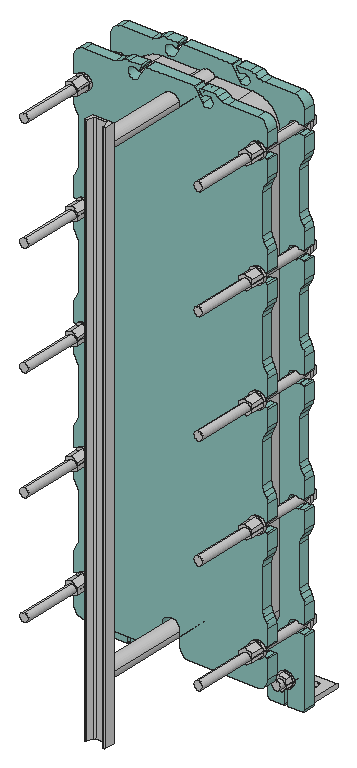
Revit family "Ekin_Endüstriyel - MIT517", category Specialty Equipment, Revit 2022
Family settings
  Round Connector Dimension = Use Diameter
  Part Type = Normal
  Work Plane-Based = No
  Always vertical = No
  Cut with Voids When Loaded = No
  Maintain Annotation Orientation = No
  Shared = No
  Room Calculation Point = No
Parameters (values of type "Flanged")
  URL = "https://en.ekinendustriyel.com/plate-heat-exchanger"
  Type Comments = ""
  Tightening Bolt = if(Design Pressure < 11.0 bar, 16.00 mm, 30.00 mm)  # 16.00 mm
  Thickness_of_Plate = 0.50 mm  # constant formula
  Number_of_Plate [instance] = 20
  Model = if(Hygienic, if(Design Pressure < 11.0 bar, "H12340000F60L", if(Design Pressure < 16.0 bar, " H12340000F60M", " H12340000F60H")), if(Design Pressure < 10.0 bar, "E12340000F60L", if(Design Pressure < 16.0 bar, " E12340000F60M", " E12340000F60H")))  # "H12340000F60L"
  Material = Galvanized Steel- S235JR
  Manufacturer = "Ekin Endüstriyel"
  M30 [instance] = Design Pressure > 10.0 bar  # no
  M16 = Design Pressure < 11.0 bar  # yes
  Lk [instance] = (Number_of_Plate) * ((Thickness_of_Plate) + 2.90 mm)  # 68.00 mm
  Lh [instance] = 1060.00 mm  # constant formula
  Lf [instance] = 985.00 mm  # constant formula
  Lc [instance] = if(Number_of_Plate < 26, 250.00 mm, if(Number_of_Plate < 41, 350.00 mm, if(Number_of_Plate < 71, 500.00 mm, if(Number_of_Plate < 111, 750.00 mm, 1000.00 mm))))  # 250.00 mm
  La [instance] = 370.00 mm  # constant formula
  Keynote = ""
  Industrial = not(Hygienic)  # no
  Hygienic = yes
  Head & Follower Plate [instance] = if(Design Pressure < 11.0 bar, 20.00 mm, if(Design Pressure < 17.0 bar, 25.00 mm, 30.00 mm))  # 20.00 mm
  Follower Plate [instance] = -(Head & Follower Plate)  # -20.00 mm
  Design Pressure = 6.89476 bar
  Description = if(Design Pressure < 10.0663 bar, "MIT - Heat Exchanger - 10 bar", if(Design Pressure < 15.9958 bar, " MIT - Heat Exchanger - 16 bar", " MIT - Heat Exchanger - 25 bar"))  # "MIT - Heat Exchanger - 10 bar"
  Default Elevation = 0.00 mm
Reference planes
  plane 1 "Center (Front/Back)": y = 0
  plane 2: z = 0
  plane 3 "Center (Left/Right)": x = 0
  plane 4: x = 1160
  plane 5: x = -1000
  plane 6 "2": y = -88
  plane 7 "1": y = -20
  plane 8 "3": y = -270
  plane 9 "Bolt End": y = 18.7
  plane 10: y = -250
Forms (mm)
  Extrusion 1, solid, material "Galvanized Steel", detail levels fine
    sketch origin (4.063, 0, 0) x (1, 0, 0) y (0, 0, 1)
      loop
        arc (-49.814, 1060) -> (-50.814, 1059.732) -> (-51.546, 1059) r 2
        line (-51.546, 1059) -> (-64.537, 1036.5)
        arc (-64.537, 1036.5) -> (-84.947, 1040.407) -> (-66.513, 1050) r 11
        arc (-66.513, 1050) -> (-64.851, 1049.476) -> (-63.408, 1050.454) r 2
        line (-63.408, 1050.454) -> (-59.629, 1057)
        arc (-59.629, 1057) -> (-59.629, 1059) -> (-61.361, 1060) r 2
        line (-61.361, 1060) -> (-83.704, 1060)
        arc (-83.704, 1060) -> (-88.88, 1059.319) -> (-93.704, 1057.321) r 20
        line (-93.704, 1057.321) -> (-101.743, 1052.679)
        arc (-101.743, 1052.679) -> (-106.566, 1050.681) -> (-111.743, 1050) r 20
        line (-111.743, 1050) -> (-169.063, 1050)
        arc (-169.063, 1050) -> (-183.205, 1044.142) -> (-189.063, 1030) r 20
        line (-189.063, 1030) -> (-189.063, 1004.251)
        arc (-189.063, 1004.251) -> (-188.477, 1002.837) -> (-187.063, 1002.251) r 2
        line (-187.063, 1002.251) -> (-178.636, 1002.251)
        arc (-178.636, 1002.251) -> (-177.976, 1002.363) -> (-177.389, 1002.687) r 2
        arc (-177.389, 1002.687) -> (-158.313, 993.501) -> (-177.389, 984.314) r 11.75
        arc (-177.389, 984.314) -> (-177.976, 984.639) -> (-178.636, 984.751) r 2
        line (-178.636, 984.751) -> (-187.063, 984.751)
        arc (-187.063, 984.751) -> (-188.477, 984.165) -> (-189.063, 982.751) r 2
        line (-189.063, 982.751) -> (-189.063, 952.18)
        arc (-189.063, 952.18) -> (-188.382, 947.004) -> (-186.384, 942.18) r 20
        line (-186.384, 942.18) -> (-181.743, 934.142)
        arc (-181.743, 934.142) -> (-179.745, 929.318) -> (-179.063, 924.142) r 20
        line (-179.063, 924.142) -> (-179.063, 849.86)
        arc (-179.063, 849.86) -> (-179.745, 844.683) -> (-181.743, 839.86) r 20
        line (-181.743, 839.86) -> (-186.384, 831.821)
        arc (-186.384, 831.821) -> (-188.382, 826.998) -> (-189.063, 821.821) r 20
        line (-189.063, 821.821) -> (-189.063, 791.251)
        arc (-189.063, 791.251) -> (-188.477, 789.837) -> (-187.063, 789.251) r 2
        line (-187.063, 789.251) -> (-178.636, 789.251)
        arc (-178.636, 789.251) -> (-177.976, 789.363) -> (-177.389, 789.687) r 2
        arc (-177.389, 789.687) -> (-158.313, 780.501) -> (-177.389, 771.314) r 11.75
        arc (-177.389, 771.314) -> (-177.976, 771.639) -> (-178.636, 771.751) r 2
        line (-178.636, 771.751) -> (-187.063, 771.751)
        arc (-187.063, 771.751) -> (-188.477, 771.165) -> (-189.063, 769.751) r 2
        line (-189.063, 769.751) -> (-189.063, 739.18)
        arc (-189.063, 739.18) -> (-188.382, 734.004) -> (-186.384, 729.18) r 20
        line (-186.384, 729.18) -> (-181.743, 721.142)
        arc (-181.743, 721.142) -> (-179.745, 716.318) -> (-179.063, 711.142) r 20
        line (-179.063, 711.142) -> (-179.063, 636.86)
        arc (-179.063, 636.86) -> (-179.745, 631.683) -> (-181.743, 626.86) r 20
        line (-181.743, 626.86) -> (-186.384, 618.821)
        arc (-186.384, 618.821) -> (-188.382, 613.998) -> (-189.063, 608.821) r 20
        line (-189.063, 608.821) -> (-189.063, 578.251)
        arc (-189.063, 578.251) -> (-188.477, 576.837) -> (-187.063, 576.251) r 2
        line (-187.063, 576.251) -> (-178.636, 576.251)
        arc (-178.636, 576.251) -> (-177.976, 576.363) -> (-177.389, 576.687) r 2
        arc (-177.389, 576.687) -> (-158.313, 567.501) -> (-177.389, 558.314) r 11.75
        arc (-177.389, 558.314) -> (-177.976, 558.639) -> (-178.636, 558.751) r 2
        line (-178.636, 558.751) -> (-187.063, 558.751)
        arc (-187.063, 558.751) -> (-188.477, 558.165) -> (-189.063, 556.751) r 2
        line (-189.063, 556.751) -> (-189.063, 526.18)
        arc (-189.063, 526.18) -> (-188.382, 521.004) -> (-186.384, 516.18) r 20
        line (-186.384, 516.18) -> (-181.743, 508.142)
        arc (-181.743, 508.142) -> (-179.745, 503.318) -> (-179.063, 498.142) r 20
        line (-179.063, 498.142) -> (-179.063, 423.86)
        arc (-179.063, 423.86) -> (-179.745, 418.683) -> (-181.743, 413.86) r 20
        line (-181.743, 413.86) -> (-186.384, 405.821)
        arc (-186.384, 405.821) -> (-188.382, 400.998) -> (-189.063, 395.821) r 20
        line (-189.063, 395.821) -> (-189.063, 365.251)
        arc (-189.063, 365.251) -> (-188.477, 363.837) -> (-187.063, 363.251) r 2
        line (-187.063, 363.251) -> (-178.636, 363.251)
        arc (-178.636, 363.251) -> (-177.976, 363.363) -> (-177.389, 363.687) r 2
        arc (-177.389, 363.687) -> (-158.313, 354.501) -> (-177.389, 345.314) r 11.75
        arc (-177.389, 345.314) -> (-177.976, 345.639) -> (-178.636, 345.751) r 2
        line (-178.636, 345.751) -> (-187.063, 345.751)
        arc (-187.063, 345.751) -> (-188.477, 345.165) -> (-189.063, 343.751) r 2
        line (-189.063, 343.751) -> (-189.063, 313.18)
        arc (-189.063, 313.18) -> (-188.382, 308.004) -> (-186.384, 303.18) r 20
        line (-186.384, 303.18) -> (-181.743, 295.142)
        arc (-181.743, 295.142) -> (-179.745, 290.318) -> (-179.063, 285.142) r 20
        line (-179.063, 285.142) -> (-179.063, 210.86)
        arc (-179.063, 210.86) -> (-179.745, 205.683) -> (-181.743, 200.86) r 20
        line (-181.743, 200.86) -> (-186.384, 192.821)
        arc (-186.384, 192.821) -> (-188.382, 187.998) -> (-189.063, 182.821) r 20
        line (-189.063, 182.821) -> (-189.063, 152.251)
        arc (-189.063, 152.251) -> (-188.477, 150.837) -> (-187.063, 150.251) r 2
        line (-187.063, 150.251) -> (-178.636, 150.251)
        arc (-178.636, 150.251) -> (-177.976, 150.363) -> (-177.389, 150.687) r 2
        arc (-177.389, 150.687) -> (-158.313, 141.501) -> (-177.389, 132.314) r 11.75
        arc (-177.389, 132.314) -> (-177.976, 132.639) -> (-178.636, 132.751) r 2
        line (-178.636, 132.751) -> (-187.063, 132.751)
        arc (-187.063, 132.751) -> (-188.477, 132.165) -> (-189.063, 130.751) r 2
        line (-189.063, 130.751) -> (-189.063, 5)
        arc (-189.063, 5) -> (-187.599, 1.464) -> (-184.063, 0) r 5
        line (-184.063, 0) -> (-159.063, 0)
        arc (-159.063, 0) -> (-157.649, 0.586) -> (-157.063, 2) r 2
        line (-157.063, 2) -> (-157.063, 33)
        arc (-157.063, 33) -> (-157.399, 34.11) -> (-158.294, 34.846) r 2
        arc (-158.294, 34.846) -> (-154.063, 56) -> (-149.832, 34.846) r 11
        arc (-149.832, 34.846) -> (-150.727, 34.11) -> (-151.063, 33) r 2
        line (-151.063, 33) -> (-151.063, 2)
        arc (-151.063, 2) -> (-150.477, 0.586) -> (-149.063, 0) r 2
        line (-149.063, 0) -> (-124.063, 0)
        arc (-124.063, 0) -> (-120.527, 1.464) -> (-119.063, 5) r 5
        line (-119.063, 5) -> (-119.063, 29.216)
        arc (-119.063, 29.216) -> (-117.541, 36.869) -> (-113.205, 43.358) r 20
        line (-113.205, 43.358) -> (-87.421, 69.142)
        arc (-87.421, 69.142) -> (-80.932, 73.478) -> (-73.279, 75) r 20
        line (-73.279, 75) -> (65.153, 75)
        arc (65.153, 75) -> (72.806, 73.478) -> (79.295, 69.142) r 20
        line (79.295, 69.142) -> (105.079, 43.358)
        arc (105.079, 43.358) -> (109.415, 36.869) -> (110.937, 29.216) r 20
        line (110.937, 29.216) -> (110.937, 5)
        arc (110.937, 5) -> (112.401, 1.464) -> (115.937, 0) r 5
        line (115.937, 0) -> (140.937, 0)
        arc (140.937, 0) -> (142.351, 0.586) -> (142.937, 2) r 2
        line (142.937, 2) -> (142.937, 33)
        arc (142.937, 33) -> (142.601, 34.11) -> (141.706, 34.846) r 2
        arc (141.706, 34.846) -> (145.937, 56) -> (150.168, 34.846) r 11
        arc (150.168, 34.846) -> (149.273, 34.11) -> (148.937, 33) r 2
        line (148.937, 33) -> (148.937, 2)
        arc (148.937, 2) -> (149.523, 0.586) -> (150.937, 0) r 2
        line (150.937, 0) -> (175.937, 0)
        arc (175.937, 0) -> (179.473, 1.464) -> (180.937, 5) r 5
        line (180.937, 5) -> (180.937, 130.751)
        arc (180.937, 130.751) -> (180.351, 132.165) -> (178.937, 132.751) r 2
        line (178.937, 132.751) -> (170.51, 132.751)
        arc (170.51, 132.751) -> (169.85, 132.639) -> (169.263, 132.314) r 2
        arc (169.263, 132.314) -> (150.187, 141.501) -> (169.263, 150.687) r 11.75
        arc (169.263, 150.687) -> (169.85, 150.363) -> (170.51, 150.251) r 2
        line (170.51, 150.251) -> (178.937, 150.251)
        arc (178.937, 150.251) -> (180.351, 150.837) -> (180.937, 152.251) r 2
        line (180.937, 152.251) -> (180.937, 182.821)
        arc (180.937, 182.821) -> (180.255, 187.998) -> (178.257, 192.821) r 20
        line (178.257, 192.821) -> (173.616, 200.86)
        arc (173.616, 200.86) -> (171.618, 205.683) -> (170.937, 210.86) r 20
        line (170.937, 210.86) -> (170.937, 285.142)
        arc (170.937, 285.142) -> (171.618, 290.318) -> (173.616, 295.142) r 20
        line (173.616, 295.142) -> (178.257, 303.18)
        arc (178.257, 303.18) -> (180.255, 308.004) -> (180.937, 313.18) r 20
        line (180.937, 313.18) -> (180.937, 343.751)
        arc (180.937, 343.751) -> (180.351, 345.165) -> (178.937, 345.751) r 2
        line (178.937, 345.751) -> (170.51, 345.751)
        arc (170.51, 345.751) -> (169.85, 345.639) -> (169.263, 345.314) r 2
        arc (169.263, 345.314) -> (150.187, 354.501) -> (169.263, 363.687) r 11.75
        arc (169.263, 363.687) -> (169.85, 363.363) -> (170.51, 363.251) r 2
        line (170.51, 363.251) -> (178.937, 363.251)
        arc (178.937, 363.251) -> (180.351, 363.837) -> (180.937, 365.251) r 2
        line (180.937, 365.251) -> (180.937, 395.821)
        arc (180.937, 395.821) -> (180.255, 400.998) -> (178.257, 405.821) r 20
        line (178.257, 405.821) -> (173.616, 413.86)
        arc (173.616, 413.86) -> (171.618, 418.683) -> (170.937, 423.86) r 20
        line (170.937, 423.86) -> (170.937, 498.142)
        arc (170.937, 498.142) -> (171.618, 503.318) -> (173.616, 508.142) r 20
        line (173.616, 508.142) -> (178.257, 516.18)
        arc (178.257, 516.18) -> (180.255, 521.004) -> (180.937, 526.18) r 20
        line (180.937, 526.18) -> (180.937, 556.751)
        arc (180.937, 556.751) -> (180.351, 558.165) -> (178.937, 558.751) r 2
        line (178.937, 558.751) -> (170.51, 558.751)
        arc (170.51, 558.751) -> (169.85, 558.639) -> (169.263, 558.314) r 2
        arc (169.263, 558.314) -> (150.187, 567.501) -> (169.263, 576.687) r 11.75
        arc (169.263, 576.687) -> (169.85, 576.363) -> (170.51, 576.251) r 2
        line (170.51, 576.251) -> (178.937, 576.251)
        arc (178.937, 576.251) -> (180.351, 576.837) -> (180.937, 578.251) r 2
        line (180.937, 578.251) -> (180.937, 608.821)
        arc (180.937, 608.821) -> (180.255, 613.998) -> (178.257, 618.821) r 20
        line (178.257, 618.821) -> (173.616, 626.86)
        arc (173.616, 626.86) -> (171.618, 631.683) -> (170.937, 636.86) r 20
        line (170.937, 636.86) -> (170.937, 711.142)
        arc (170.937, 711.142) -> (171.618, 716.318) -> (173.616, 721.142) r 20
        line (173.616, 721.142) -> (178.257, 729.18)
        arc (178.257, 729.18) -> (180.255, 734.004) -> (180.937, 739.18) r 20
        line (180.937, 739.18) -> (180.937, 769.751)
        arc (180.937, 769.751) -> (180.351, 771.165) -> (178.937, 771.751) r 2
        line (178.937, 771.751) -> (170.51, 771.751)
        arc (170.51, 771.751) -> (169.85, 771.639) -> (169.263, 771.314) r 2
        arc (169.263, 771.314) -> (150.187, 780.501) -> (169.263, 789.687) r 11.75
        arc (169.263, 789.687) -> (169.85, 789.363) -> (170.51, 789.251) r 2
        line (170.51, 789.251) -> (178.937, 789.251)
        arc (178.937, 789.251) -> (180.351, 789.837) -> (180.937, 791.251) r 2
        line (180.937, 791.251) -> (180.937, 821.821)
        arc (180.937, 821.821) -> (180.255, 826.998) -> (178.257, 831.821) r 20
        line (178.257, 831.821) -> (173.616, 839.86)
        arc (173.616, 839.86) -> (171.618, 844.683) -> (170.937, 849.86) r 20
        line (170.937, 849.86) -> (170.937, 924.142)
        arc (170.937, 924.142) -> (171.618, 929.318) -> (173.616, 934.142) r 20
        line (173.616, 934.142) -> (178.257, 942.18)
        arc (178.257, 942.18) -> (180.255, 947.004) -> (180.937, 952.18) r 20
        line (180.937, 952.18) -> (180.937, 982.751)
        arc (180.937, 982.751) -> (180.351, 984.165) -> (178.937, 984.751) r 2
        line (178.937, 984.751) -> (170.51, 984.751)
        arc (170.51, 984.751) -> (169.85, 984.639) -> (169.263, 984.314) r 2
        arc (169.263, 984.314) -> (150.187, 993.501) -> (169.263, 1002.687) r 11.75
        arc (169.263, 1002.687) -> (169.85, 1002.363) -> (170.51, 1002.251) r 2
        line (170.51, 1002.251) -> (178.937, 1002.251)
        arc (178.937, 1002.251) -> (180.351, 1002.837) -> (180.937, 1004.251) r 2
        line (180.937, 1004.251) -> (180.937, 1030)
        arc (180.937, 1030) -> (175.079, 1044.142) -> (160.937, 1050) r 20
        line (160.937, 1050) -> (103.616, 1050)
        arc (103.616, 1050) -> (98.44, 1050.681) -> (93.616, 1052.679) r 20
        line (93.616, 1052.679) -> (85.578, 1057.321)
        arc (85.578, 1057.321) -> (80.754, 1059.319) -> (75.578, 1060) r 20
        line (75.578, 1060) -> (53.235, 1060)
        arc (53.235, 1060) -> (51.503, 1059) -> (51.503, 1057) r 2
        line (51.503, 1057) -> (55.282, 1050.454)
        arc (55.282, 1050.454) -> (56.725, 1049.476) -> (58.387, 1050) r 2
        arc (58.387, 1050) -> (76.821, 1040.407) -> (56.411, 1036.5) r 11
        line (56.411, 1036.5) -> (43.42, 1059)
        arc (43.42, 1059) -> (42.688, 1059.732) -> (41.688, 1060) r 2
        line (41.688, 1060) -> (-49.814, 1060)
      loop
        circle (-4.063, 114.351) r 6
      loop
        circle (-4.063, 1019.351) r 6.25
      loop
        circle (112.937, 1009.501) r 7
      loop
        circle (70.937, 967.501) r 37.499
      loop
        circle (70.937, 167.501) r 37.499
      loop
        circle (28.937, 1009.501) r 7
      loop
        circle (112.937, 925.501) r 7
      loop
        circle (28.937, 925.501) r 7
      loop
        circle (112.937, 209.501) r 7
      loop
        circle (28.937, 209.501) r 7
      loop
        circle (112.937, 125.501) r 7
      loop
        circle (28.937, 125.501) r 7
      loop
        circle (-121.063, 1009.501) r 7
      loop
        circle (-79.063, 967.501) r 37.499
      loop
        circle (-79.063, 167.501) r 37.499
      loop
        circle (-37.063, 1009.501) r 7
      loop
        circle (-121.063, 925.501) r 7
      loop
        circle (-37.063, 925.501) r 7
      loop
        circle (-121.063, 209.501) r 7
      loop
        circle (-37.063, 209.501) r 7
      loop
        circle (-121.063, 125.501) r 7
      loop
        circle (-37.063, 125.501) r 7
    from 0 to 20
  Extrusion 2, solid, material "Galvanized Steel", detail levels fine
    sketch origin (4.063, -88, 0) x (-1, 0, 0) y (0, 0, 1)
      loop
        line (49.814, 1060) -> (-41.688, 1060)
        arc (-41.688, 1060) -> (-42.688, 1059.732) -> (-43.42, 1059) r 2
        line (-43.42, 1059) -> (-56.411, 1036.5)
        arc (-56.411, 1036.5) -> (-76.821, 1040.407) -> (-58.387, 1050) r 11
        arc (-58.387, 1050) -> (-56.725, 1049.476) -> (-55.282, 1050.454) r 2
        line (-55.282, 1050.454) -> (-51.503, 1057)
        arc (-51.503, 1057) -> (-51.503, 1059) -> (-53.235, 1060) r 2
        line (-53.235, 1060) -> (-75.578, 1060)
        arc (-75.578, 1060) -> (-80.754, 1059.319) -> (-85.578, 1057.321) r 20
        line (-85.578, 1057.321) -> (-93.616, 1052.679)
        arc (-93.616, 1052.679) -> (-98.44, 1050.681) -> (-103.616, 1050) r 20
        line (-103.616, 1050) -> (-160.937, 1050)
        arc (-160.937, 1050) -> (-175.079, 1044.142) -> (-180.937, 1030) r 20
        line (-180.937, 1030) -> (-180.937, 1004.251)
        arc (-180.937, 1004.251) -> (-180.351, 1002.837) -> (-178.937, 1002.251) r 2
        line (-178.937, 1002.251) -> (-170.51, 1002.251)
        arc (-170.51, 1002.251) -> (-169.85, 1002.363) -> (-169.263, 1002.687) r 2
        arc (-169.263, 1002.687) -> (-150.187, 993.501) -> (-169.263, 984.314) r 11.75
        arc (-169.263, 984.314) -> (-169.85, 984.639) -> (-170.51, 984.751) r 2
        line (-170.51, 984.751) -> (-178.937, 984.751)
        arc (-178.937, 984.751) -> (-180.351, 984.165) -> (-180.937, 982.751) r 2
        line (-180.937, 982.751) -> (-180.937, 952.18)
        arc (-180.937, 952.18) -> (-180.255, 947.004) -> (-178.257, 942.18) r 20
        line (-178.257, 942.18) -> (-173.616, 934.142)
        arc (-173.616, 934.142) -> (-171.618, 929.318) -> (-170.937, 924.142) r 20
        line (-170.937, 924.142) -> (-170.937, 849.86)
        arc (-170.937, 849.86) -> (-171.618, 844.683) -> (-173.616, 839.86) r 20
        line (-173.616, 839.86) -> (-178.257, 831.821)
        arc (-178.257, 831.821) -> (-180.255, 826.998) -> (-180.937, 821.821) r 20
        line (-180.937, 821.821) -> (-180.937, 791.251)
        arc (-180.937, 791.251) -> (-180.351, 789.837) -> (-178.937, 789.251) r 2
        line (-178.937, 789.251) -> (-170.51, 789.251)
        arc (-170.51, 789.251) -> (-169.85, 789.363) -> (-169.263, 789.687) r 2
        arc (-169.263, 789.687) -> (-150.187, 780.501) -> (-169.263, 771.314) r 11.75
        arc (-169.263, 771.314) -> (-169.85, 771.639) -> (-170.51, 771.751) r 2
        line (-170.51, 771.751) -> (-178.937, 771.751)
        arc (-178.937, 771.751) -> (-180.351, 771.165) -> (-180.937, 769.751) r 2
        line (-180.937, 769.751) -> (-180.937, 739.18)
        arc (-180.937, 739.18) -> (-180.255, 734.004) -> (-178.257, 729.18) r 20
        line (-178.257, 729.18) -> (-173.616, 721.142)
        arc (-173.616, 721.142) -> (-171.618, 716.318) -> (-170.937, 711.142) r 20
        line (-170.937, 711.142) -> (-170.937, 636.86)
        arc (-170.937, 636.86) -> (-171.618, 631.683) -> (-173.616, 626.86) r 20
        line (-173.616, 626.86) -> (-178.257, 618.821)
        arc (-178.257, 618.821) -> (-180.255, 613.998) -> (-180.937, 608.821) r 20
        line (-180.937, 608.821) -> (-180.937, 578.251)
        arc (-180.937, 578.251) -> (-180.351, 576.837) -> (-178.937, 576.251) r 2
        line (-178.937, 576.251) -> (-170.51, 576.251)
        arc (-170.51, 576.251) -> (-169.85, 576.363) -> (-169.263, 576.687) r 2
        arc (-169.263, 576.687) -> (-150.187, 567.501) -> (-169.263, 558.314) r 11.75
        arc (-169.263, 558.314) -> (-169.85, 558.639) -> (-170.51, 558.751) r 2
        line (-170.51, 558.751) -> (-178.937, 558.751)
        arc (-178.937, 558.751) -> (-180.351, 558.165) -> (-180.937, 556.751) r 2
        line (-180.937, 556.751) -> (-180.937, 526.18)
        arc (-180.937, 526.18) -> (-180.255, 521.004) -> (-178.257, 516.18) r 20
        line (-178.257, 516.18) -> (-173.616, 508.142)
        arc (-173.616, 508.142) -> (-171.618, 503.318) -> (-170.937, 498.142) r 20
        line (-170.937, 498.142) -> (-170.937, 423.86)
        arc (-170.937, 423.86) -> (-171.618, 418.683) -> (-173.616, 413.86) r 20
        line (-173.616, 413.86) -> (-178.257, 405.821)
        arc (-178.257, 405.821) -> (-180.255, 400.998) -> (-180.937, 395.821) r 20
        line (-180.937, 395.821) -> (-180.937, 365.251)
        arc (-180.937, 365.251) -> (-180.351, 363.837) -> (-178.937, 363.251) r 2
        line (-178.937, 363.251) -> (-170.51, 363.251)
        arc (-170.51, 363.251) -> (-169.85, 363.363) -> (-169.263, 363.687) r 2
        arc (-169.263, 363.687) -> (-150.187, 354.501) -> (-169.263, 345.314) r 11.75
        arc (-169.263, 345.314) -> (-169.85, 345.639) -> (-170.51, 345.751) r 2
        line (-170.51, 345.751) -> (-178.937, 345.751)
        arc (-178.937, 345.751) -> (-180.351, 345.165) -> (-180.937, 343.751) r 2
        line (-180.937, 343.751) -> (-180.937, 313.18)
        arc (-180.937, 313.18) -> (-180.255, 308.004) -> (-178.257, 303.18) r 20
        line (-178.257, 303.18) -> (-173.616, 295.142)
        arc (-173.616, 295.142) -> (-171.618, 290.318) -> (-170.937, 285.142) r 20
        line (-170.937, 285.142) -> (-170.937, 210.86)
        arc (-170.937, 210.86) -> (-171.618, 205.683) -> (-173.616, 200.86) r 20
        line (-173.616, 200.86) -> (-178.257, 192.821)
        arc (-178.257, 192.821) -> (-180.255, 187.998) -> (-180.937, 182.821) r 20
        line (-180.937, 182.821) -> (-180.937, 152.251)
        arc (-180.937, 152.251) -> (-180.351, 150.837) -> (-178.937, 150.251) r 2
        line (-178.937, 150.251) -> (-170.51, 150.251)
        arc (-170.51, 150.251) -> (-169.85, 150.363) -> (-169.263, 150.687) r 2
        arc (-169.263, 150.687) -> (-150.187, 141.501) -> (-169.263, 132.314) r 11.75
        arc (-169.263, 132.314) -> (-169.85, 132.639) -> (-170.51, 132.751) r 2
        line (-170.51, 132.751) -> (-178.937, 132.751)
        arc (-178.937, 132.751) -> (-180.351, 132.165) -> (-180.937, 130.751) r 2
        line (-180.937, 130.751) -> (-180.937, 95)
        arc (-180.937, 95) -> (-175.079, 80.858) -> (-160.937, 75) r 20
        line (-160.937, 75) -> (-32.437, 75)
        arc (-32.437, 75) -> (-18.295, 80.858) -> (-12.437, 95) r 20
        line (-12.437, 95) -> (-12.437, 120.651)
        arc (-12.437, 120.651) -> (4.063, 137.151) -> (20.563, 120.651) r 16.5
        line (20.563, 120.651) -> (20.563, 95)
        arc (20.563, 95) -> (26.421, 80.858) -> (40.563, 75) r 20
        line (40.563, 75) -> (169.063, 75)
        arc (169.063, 75) -> (183.205, 80.858) -> (189.063, 95) r 20
        line (189.063, 95) -> (189.063, 130.751)
        arc (189.063, 130.751) -> (188.477, 132.165) -> (187.063, 132.751) r 2
        line (187.063, 132.751) -> (178.636, 132.751)
        arc (178.636, 132.751) -> (177.976, 132.639) -> (177.389, 132.314) r 2
        arc (177.389, 132.314) -> (158.313, 141.501) -> (177.389, 150.687) r 11.75
        arc (177.389, 150.687) -> (177.976, 150.363) -> (178.636, 150.251) r 2
        line (178.636, 150.251) -> (187.063, 150.251)
        arc (187.063, 150.251) -> (188.477, 150.837) -> (189.063, 152.251) r 2
        line (189.063, 152.251) -> (189.063, 182.821)
        arc (189.063, 182.821) -> (188.382, 187.998) -> (186.384, 192.821) r 20
        line (186.384, 192.821) -> (181.743, 200.86)
        arc (181.743, 200.86) -> (179.745, 205.683) -> (179.063, 210.86) r 20
        line (179.063, 210.86) -> (179.063, 285.142)
        arc (179.063, 285.142) -> (179.745, 290.318) -> (181.743, 295.142) r 20
        line (181.743, 295.142) -> (186.384, 303.18)
        arc (186.384, 303.18) -> (188.382, 308.004) -> (189.063, 313.18) r 20
        line (189.063, 313.18) -> (189.063, 343.751)
        arc (189.063, 343.751) -> (188.477, 345.165) -> (187.063, 345.751) r 2
        line (187.063, 345.751) -> (178.636, 345.751)
        arc (178.636, 345.751) -> (177.976, 345.639) -> (177.389, 345.314) r 2
        arc (177.389, 345.314) -> (158.313, 354.501) -> (177.389, 363.687) r 11.75
        arc (177.389, 363.687) -> (177.976, 363.363) -> (178.636, 363.251) r 2
        line (178.636, 363.251) -> (187.063, 363.251)
        arc (187.063, 363.251) -> (188.477, 363.837) -> (189.063, 365.251) r 2
        line (189.063, 365.251) -> (189.063, 395.821)
        arc (189.063, 395.821) -> (188.382, 400.998) -> (186.384, 405.821) r 20
        line (186.384, 405.821) -> (181.743, 413.86)
        arc (181.743, 413.86) -> (179.745, 418.683) -> (179.063, 423.86) r 20
        line (179.063, 423.86) -> (179.063, 498.142)
        arc (179.063, 498.142) -> (179.745, 503.318) -> (181.743, 508.142) r 20
        line (181.743, 508.142) -> (186.384, 516.18)
        arc (186.384, 516.18) -> (188.382, 521.004) -> (189.063, 526.18) r 20
        line (189.063, 526.18) -> (189.063, 556.751)
        arc (189.063, 556.751) -> (188.477, 558.165) -> (187.063, 558.751) r 2
        line (187.063, 558.751) -> (178.636, 558.751)
        arc (178.636, 558.751) -> (177.976, 558.639) -> (177.389, 558.314) r 2
        arc (177.389, 558.314) -> (158.313, 567.501) -> (177.389, 576.687) r 11.75
        arc (177.389, 576.687) -> (177.976, 576.363) -> (178.636, 576.251) r 2
        line (178.636, 576.251) -> (187.063, 576.251)
        arc (187.063, 576.251) -> (188.477, 576.837) -> (189.063, 578.251) r 2
        line (189.063, 578.251) -> (189.063, 608.821)
        arc (189.063, 608.821) -> (188.382, 613.998) -> (186.384, 618.821) r 20
        line (186.384, 618.821) -> (181.743, 626.86)
        arc (181.743, 626.86) -> (179.745, 631.683) -> (179.063, 636.86) r 20
        line (179.063, 636.86) -> (179.063, 711.142)
        arc (179.063, 711.142) -> (179.745, 716.318) -> (181.743, 721.142) r 20
        line (181.743, 721.142) -> (186.384, 729.18)
        arc (186.384, 729.18) -> (188.382, 734.004) -> (189.063, 739.18) r 20
        line (189.063, 739.18) -> (189.063, 769.751)
        arc (189.063, 769.751) -> (188.477, 771.165) -> (187.063, 771.751) r 2
        line (187.063, 771.751) -> (178.636, 771.751)
        arc (178.636, 771.751) -> (177.976, 771.639) -> (177.389, 771.314) r 2
        arc (177.389, 771.314) -> (158.313, 780.501) -> (177.389, 789.687) r 11.75
        arc (177.389, 789.687) -> (177.976, 789.363) -> (178.636, 789.251) r 2
        line (178.636, 789.251) -> (187.063, 789.251)
        arc (187.063, 789.251) -> (188.477, 789.837) -> (189.063, 791.251) r 2
        line (189.063, 791.251) -> (189.063, 821.821)
        arc (189.063, 821.821) -> (188.382, 826.998) -> (186.384, 831.821) r 20
        line (186.384, 831.821) -> (181.743, 839.86)
        arc (181.743, 839.86) -> (179.745, 844.683) -> (179.063, 849.86) r 20
        line (179.063, 849.86) -> (179.063, 924.142)
        arc (179.063, 924.142) -> (179.745, 929.318) -> (181.743, 934.142) r 20
        line (181.743, 934.142) -> (186.384, 942.18)
        arc (186.384, 942.18) -> (188.382, 947.004) -> (189.063, 952.18) r 20
        line (189.063, 952.18) -> (189.063, 982.751)
        arc (189.063, 982.751) -> (188.477, 984.165) -> (187.063, 984.751) r 2
        line (187.063, 984.751) -> (178.636, 984.751)
        arc (178.636, 984.751) -> (177.976, 984.639) -> (177.389, 984.314) r 2
        arc (177.389, 984.314) -> (158.313, 993.501) -> (177.389, 1002.687) r 11.75
        arc (177.389, 1002.687) -> (177.976, 1002.363) -> (178.636, 1002.251) r 2
        line (178.636, 1002.251) -> (187.063, 1002.251)
        arc (187.063, 1002.251) -> (188.477, 1002.837) -> (189.063, 1004.251) r 2
        line (189.063, 1004.251) -> (189.063, 1030)
        arc (189.063, 1030) -> (183.205, 1044.142) -> (169.063, 1050) r 20
        line (169.063, 1050) -> (111.743, 1050)
        arc (111.743, 1050) -> (106.566, 1050.681) -> (101.743, 1052.679) r 20
        line (101.743, 1052.679) -> (93.704, 1057.321)
        arc (93.704, 1057.321) -> (88.88, 1059.319) -> (83.704, 1060) r 20
        line (83.704, 1060) -> (61.361, 1060)
        arc (61.361, 1060) -> (59.629, 1059) -> (59.629, 1057) r 2
        line (59.629, 1057) -> (63.408, 1050.454)
        arc (63.408, 1050.454) -> (64.851, 1049.476) -> (66.513, 1050) r 2
        arc (66.513, 1050) -> (84.947, 1040.407) -> (64.537, 1036.5) r 11
        line (64.537, 1036.5) -> (51.546, 1059)
        arc (51.546, 1059) -> (50.814, 1059.732) -> (49.814, 1060) r 2
      loop
        circle (4.063, 1019.351) r 15
    from 0 to -20 <- "Follower Plate"
  Extrusion 3, solid, material "AISI 316L/Titanium/Hastelloy", detail levels fine
    sketch origin (0, -20, 0) x (-1, 0, 0) y (0, 0, 1)
      loop
        circle (-75, 167.501) r 37.5
      loop
        circle (75, 167.501) r 37.5
      loop
        circle (-75, 967.501) r 37.5
      loop
        circle (75, 967.501) r 37.5
      loop
        arc (-86, 1027.501) -> (-121.355, 1012.856) -> (-136, 977.501) r 50
        line (-136, 977.501) -> (-136, 157.501)
        arc (-136, 157.501) -> (-121.355, 122.145) -> (-86, 107.501) r 50
        line (-86, 107.501) -> (-18.2, 107.501)
        arc (-18.2, 107.501) -> (-15.621, 108.968) -> (-15.565, 111.935) r 3
        line (-15.565, 111.935) -> (-20.57, 121.133)
        arc (-20.57, 121.133) -> (-20.458, 127.066) -> (-15.3, 130.001) r 6
        line (-15.3, 130.001) -> (15.3, 130.001)
        arc (15.3, 130.001) -> (20.458, 127.066) -> (20.57, 121.133) r 6
        line (20.57, 121.133) -> (15.565, 111.935)
        arc (15.565, 111.935) -> (15.621, 108.968) -> (18.2, 107.501) r 3
        line (18.2, 107.501) -> (86, 107.501)
        arc (86, 107.501) -> (121.355, 122.145) -> (136, 157.501) r 50
        line (136, 157.501) -> (136, 977.501)
        arc (136, 977.501) -> (121.355, 1012.856) -> (86, 1027.501) r 50
        line (86, 1027.501) -> (18.2, 1027.501)
        arc (18.2, 1027.501) -> (15.621, 1026.033) -> (15.565, 1023.067) r 3
        line (15.565, 1023.067) -> (20.57, 1013.869)
        arc (20.57, 1013.869) -> (20.458, 1007.935) -> (15.3, 1005.001) r 6
        line (15.3, 1005.001) -> (-15.3, 1005.001)
        arc (-15.3, 1005.001) -> (-20.458, 1007.935) -> (-20.57, 1013.869) r 6
        line (-20.57, 1013.869) -> (-15.565, 1023.067)
        arc (-15.565, 1023.067) -> (-15.621, 1026.033) -> (-18.2, 1027.501) r 3
        line (-18.2, 1027.501) -> (-86, 1027.501)
    from 0 to -68
  Extrusion 4, solid, material "Galvanized Steel- S235JR"
    sketch origin (0, 0, 0) x (1, 0, 0) y (0, 0, 1)
      loop
        circle (0, 1019.351) r 15
      loop
        circle (0, 114.351) r 15
    from 20 to 270
  Extrusion 5, solid, material "Galvanized Steel- S235JR"
    sketch origin (0, 0, 0) x (1, 0, 0) y (0, 0, 1)
      loop
        circle (166, 993.501) r 8
      loop
        circle (166, 780.145) r 8
      loop
        circle (166, 567.501) r 8
      loop
        circle (166, 354.145) r 8
      loop
        circle (166, 141.145) r 8
      loop
        circle (-166, 993.501) r 8
      loop
        circle (-166, 780.145) r 8
      loop
        circle (-166, 567.501) r 8
      loop
        circle (-166, 354.145) r 8
      loop
        circle (-166, 141.145) r 8
    from 0 to 250
  Extrusion 6, solid, material "Galvanized Steel- S235JR", visible <- "M16", detail levels medium+fine
    sketch origin (0, 0, 0) x (1, 0, 0) y (0, 0, 1)
      loop
        circle (166, 993.501) r 15
      loop
        circle (166, 780.501) r 15
      loop
        circle (166, 567.501) r 15
      loop
        circle (166, 354.501) r 15
      loop
        circle (166, 141.501) r 15
      loop
        circle (-166, 993.501) r 15
      loop
        circle (-166, 780.501) r 15
      loop
        circle (-166, 567.501) r 15
      loop
        circle (-166, 354.501) r 15
      loop
        circle (-166, 141.501) r 15
    from 0 to -4
  Extrusion 7, solid, material "Galvanized Steel- S235JR", visible <- "M16", detail levels fine
    sketch origin (4.063, -108, 0) x (1, 0, 0) y (0, 0, 1)
      loop
        line (-168.869, 581.306) -> (-181.421, 575.437) -> (-182.615, 561.632) -> (-171.257, 553.696) -> (-158.705, 559.564) -> (-157.511, 573.369) -> (-168.869, 581.306)
      loop
        line (-168.869, 794.306) -> (-181.421, 788.437) -> (-182.615, 774.632) -> (-171.257, 766.696) -> (-158.705, 772.564) -> (-157.511, 786.369) -> (-168.869, 794.306)
      loop
        line (-157.511, 999.369) -> (-168.869, 1007.306) -> (-181.421, 1001.437) -> (-182.615, 987.632) -> (-171.257, 979.696) -> (-158.705, 985.564) -> (-157.511, 999.369)
      loop
        line (-158.705, 346.564) -> (-157.511, 360.369) -> (-168.869, 368.306) -> (-181.421, 362.437) -> (-182.615, 348.632) -> (-171.257, 340.696) -> (-158.705, 346.564)
      loop
        line (-168.869, 155.306) -> (-181.421, 149.437) -> (-182.615, 135.632) -> (-171.257, 127.696) -> (-158.705, 133.564) -> (-157.511, 147.369) -> (-168.869, 155.306)
      loop
        line (160.743, 581.306) -> (149.385, 573.369) -> (150.579, 559.564) -> (163.131, 553.696) -> (174.489, 561.632) -> (173.295, 575.437) -> (160.743, 581.306)
      loop
        line (160.743, 794.306) -> (149.385, 786.369) -> (150.579, 772.564) -> (163.131, 766.696) -> (174.489, 774.632) -> (173.295, 788.437) -> (160.743, 794.306)
      loop
        line (149.385, 999.369) -> (150.579, 985.564) -> (163.131, 979.696) -> (174.489, 987.632) -> (173.295, 1001.437) -> (160.743, 1007.306) -> (149.385, 999.369)
      loop
        line (150.579, 346.564) -> (163.131, 340.696) -> (174.489, 348.632) -> (173.295, 362.437) -> (160.743, 368.306) -> (149.385, 360.369) -> (150.579, 346.564)
      loop
        line (160.743, 155.306) -> (149.385, 147.369) -> (150.579, 133.564) -> (163.131, 127.696) -> (174.489, 135.632) -> (173.295, 149.437) -> (160.743, 155.306)
    from 4 to 29.5
  Extrusion 8, solid, material "Galvanized Steel- S235JR", visible <- "M16", detail levels fine
    sketch origin (4.063, -108, 0) x (1, 0, 0) y (0, 0, 1)
      loop
        circle (-170.063, 141.501) r 15
      loop
        circle (-170.063, 354.501) r 15
      loop
        circle (-170.063, 567.501) r 15
      loop
        circle (-170.063, 780.501) r 15
      loop
        circle (-170.063, 993.501) r 15
      loop
        circle (161.937, 141.501) r 15
      loop
        circle (161.937, 354.501) r 15
      loop
        circle (161.937, 567.501) r 15
      loop
        circle (161.937, 780.501) r 15
      loop
        circle (161.937, 993.501) r 15
    from 4 to 0
  Extrusion 9, solid, material "Galvanized Steel- S235JR", visible <- "M16", detail levels medium+fine
    sketch origin (0, 0, 0) x (1, 0, 0) y (0, 0, 1)
      loop
        line (177.222, 1001.629) -> (164.571, 1007.283) -> (153.35, 999.155) -> (154.778, 985.372) -> (167.429, 979.718) -> (178.65, 987.847) -> (177.222, 1001.629)
      loop
        line (164.571, 794.283) -> (153.35, 786.155) -> (154.778, 772.372) -> (167.429, 766.718) -> (178.65, 774.847) -> (177.222, 788.629) -> (164.571, 794.283)
      loop
        line (177.222, 575.629) -> (164.571, 581.283) -> (153.35, 573.155) -> (154.778, 559.372) -> (167.429, 553.718) -> (178.65, 561.847) -> (177.222, 575.629)
      loop
        line (164.571, 368.283) -> (153.35, 360.155) -> (154.778, 346.372) -> (167.429, 340.718) -> (178.65, 348.847) -> (177.222, 362.629) -> (164.571, 368.283)
      loop
        line (177.222, 149.629) -> (164.571, 155.283) -> (153.35, 147.155) -> (154.778, 133.372) -> (167.429, 127.718) -> (178.65, 135.847) -> (177.222, 149.629)
      loop
        line (-177.222, 1001.629) -> (-178.65, 987.847) -> (-167.429, 979.718) -> (-154.778, 985.372) -> (-153.35, 999.155) -> (-164.571, 1007.283) -> (-177.222, 1001.629)
      loop
        line (-164.571, 794.283) -> (-177.222, 788.629) -> (-178.65, 774.847) -> (-167.429, 766.718) -> (-154.778, 772.372) -> (-153.35, 786.155) -> (-164.571, 794.283)
      loop
        line (-177.222, 575.629) -> (-178.65, 561.847) -> (-167.429, 553.718) -> (-154.778, 559.372) -> (-153.35, 573.155) -> (-164.571, 581.283) -> (-177.222, 575.629)
      loop
        line (-164.571, 368.283) -> (-177.222, 362.629) -> (-178.65, 348.847) -> (-167.429, 340.718) -> (-154.778, 346.372) -> (-153.35, 360.155) -> (-164.571, 368.283)
      loop
        line (-177.222, 149.629) -> (-178.65, 135.847) -> (-167.429, 127.718) -> (-154.778, 133.372) -> (-153.35, 147.155) -> (-164.571, 155.283) -> (-177.222, 149.629)
    from -14.7 to -4
  Extrusion 10, solid, material "Galvanized Steel- S235JR", detail levels fine
    sketch origin (0, 0, 0) x (1, 0, 0) y (0, 0, 1)
      loop
        line (-163.184, 49.263) -> (-160.284, 35.713) -> (-147.099, 31.451) -> (-136.816, 40.737) -> (-139.716, 54.287) -> (-152.901, 58.549) -> (-163.184, 49.263)
      loop
        line (136.816, 49.263) -> (139.716, 35.713) -> (152.901, 31.451) -> (163.184, 40.737) -> (160.284, 54.287) -> (147.099, 58.549) -> (136.816, 49.263)
    from -10 to -20
  Extrusion 11, solid, material "Galvanized Steel- S235JR", detail levels fine
    sketch origin (0, 0, 0) x (1, 0, 0) y (0, 0, 1)
      loop
        circle (150, 45) r 15
      loop
        circle (-150, 45) r 15
    from -10 to -7.5
  Extrusion 12, solid, material "Galvanized Steel- S235JR", detail levels fine
    sketch origin (0, 0, 0) x (1, 0, 0) y (0, 0, 1)
      loop
        circle (150, 45) r 7.9
      loop
        circle (-150, 45) r 7.9
    from 44.5 to -7.5
  Extrusion 13, solid, material "Galvanized Steel- S235JR", detail levels fine
    sketch origin (0, 0, 0) x (1, 0, 0) y (0, 0, 1)
      loop
        circle (150, 45) r 15
      loop
        circle (-150, 45) r 15
    from 20 to 22.5
  Extrusion 14, solid, material "Galvanized Steel- S235JR", detail levels fine
    sketch origin (0, 0, 0) x (1, 0, 0) y (0, 0, 1)
      loop
        line (-163.184, 49.263) -> (-160.284, 35.713) -> (-147.099, 31.451) -> (-136.816, 40.737) -> (-139.716, 54.287) -> (-152.901, 58.549) -> (-163.184, 49.263)
      loop
        line (136.816, 49.263) -> (139.716, 35.713) -> (152.901, 31.451) -> (163.184, 40.737) -> (160.284, 54.287) -> (147.099, 58.549) -> (136.816, 49.263)
    from 35.081 to 22.5
  Extrusion 15, solid, material "Galvanized Steel- S235JR", detail levels fine
    sketch origin (0, 0, 0) x (1, 0, 0) y (0, 0, 1)
      loop
        line (120.5, 910.001) -> (132.5, 922.001) -> (132.5, 1013.001) -> (120.5, 1025.001) -> (29.5, 1025.001) -> (17.5, 1013.001) -> (17.5, 922.001) -> (29.5, 910.001) -> (120.5, 910.001)
      loop
        circle (75, 967.501) r 39
      loop
        circle (117, 1009.501) r 9.5
      loop
        circle (33, 1009.501) r 9.5
      loop
        circle (117, 925.501) r 9.5
      loop
        circle (33, 925.501) r 9.5
      loop
        circle (-117, 1009.501) r 9.5
      loop
        circle (-33, 1009.501) r 9.5
      loop
        circle (-117, 925.501) r 9.5
      loop
        circle (-33, 925.501) r 9.5
      loop
        circle (-117, 209.501) r 9.5
      loop
        circle (-33, 209.501) r 9.5
      loop
        circle (-117, 125.501) r 9.5
      loop
        circle (-33, 125.501) r 9.5
      loop
        circle (117, 209.501) r 9.5
      loop
        circle (33, 209.501) r 9.5
      loop
        circle (117, 125.501) r 9.5
      loop
        circle (33, 125.501) r 9.5
      loop
        line (-120.5, 910.001) -> (-29.5, 910.001) -> (-17.5, 922.001) -> (-17.5, 1013.001) -> (-29.5, 1025.001) -> (-120.5, 1025.001) -> (-132.5, 1013.001) -> (-132.5, 922.001) -> (-120.5, 910.001)
      loop
        circle (-75, 967.501) r 39
      loop
        line (-120.5, 110.001) -> (-29.5, 110.001) -> (-17.5, 122.001) -> (-17.5, 213.001) -> (-29.5, 225.001) -> (-120.5, 225.001) -> (-132.5, 213.001) -> (-132.5, 122.001) -> (-120.5, 110.001)
      loop
        circle (-75, 167.501) r 39
      loop
        line (29.5, 110.001) -> (120.5, 110.001) -> (132.5, 122.001) -> (132.5, 213.001) -> (120.5, 225.001) -> (29.5, 225.001) -> (17.5, 213.001) -> (17.5, 122.001) -> (29.5, 110.001)
      loop
        circle (75, 167.501) r 39
    from 0 to -15
  Extrusion 16, solid, material "Galvanized Steel- S235JR", detail levels fine
    sketch origin (0, 0, 0) x (1, 0, 0) y (0, 0, 1)
      loop
        circle (117, 1009.501) r 15
      loop
        circle (33, 925.501) r 15
      loop
        circle (33, 1009.501) r 15
      loop
        circle (117, 925.501) r 15
      loop
        circle (-33, 925.501) r 15
      loop
        circle (-33, 1009.501) r 15
      loop
        circle (-117, 1009.501) r 15
      loop
        circle (-117, 925.501) r 15
      loop
        circle (117, 209.501) r 15
      loop
        circle (33, 125.501) r 15
      loop
        circle (33, 209.501) r 15
      loop
        circle (117, 125.501) r 15
      loop
        circle (-33, 125.501) r 15
      loop
        circle (-33, 209.501) r 15
      loop
        circle (-117, 209.501) r 15
      loop
        circle (-117, 125.501) r 15
    from -18 to -15
  Extrusion 17, solid, material "Galvanized Steel- S235JR", detail levels fine
    sketch origin (0, 0, 0) x (1, 0, 0) y (0, 0, 1)
      loop
        line (104.5, 1016.718) -> (104.5, 1002.284) -> (117, 995.067) -> (129.5, 1002.284) -> (129.5, 1016.718) -> (117, 1023.935) -> (104.5, 1016.718)
      loop
        line (104.5, 918.284) -> (117, 911.067) -> (129.5, 918.284) -> (129.5, 932.718) -> (117, 939.935) -> (104.5, 932.718) -> (104.5, 918.284)
      loop
        line (45.5, 1016.718) -> (33, 1023.935) -> (20.5, 1016.718) -> (20.5, 1002.284) -> (33, 995.067) -> (45.5, 1002.284) -> (45.5, 1016.718)
      loop
        line (45.5, 918.284) -> (45.5, 932.718) -> (33, 939.935) -> (20.5, 932.718) -> (20.5, 918.284) -> (33, 911.067) -> (45.5, 918.284)
      loop
        line (104.5, 216.718) -> (104.5, 202.284) -> (117, 195.067) -> (129.5, 202.284) -> (129.5, 216.718) -> (117, 223.935) -> (104.5, 216.718)
      loop
        line (104.5, 118.284) -> (117, 111.067) -> (129.5, 118.284) -> (129.5, 132.718) -> (117, 139.935) -> (104.5, 132.718) -> (104.5, 118.284)
      loop
        line (45.5, 216.718) -> (33, 223.935) -> (20.5, 216.718) -> (20.5, 202.284) -> (33, 195.067) -> (45.5, 202.284) -> (45.5, 216.718)
      loop
        line (45.5, 118.284) -> (45.5, 132.718) -> (33, 139.935) -> (20.5, 132.718) -> (20.5, 118.284) -> (33, 111.067) -> (45.5, 118.284)
      loop
        line (-104.5, 1016.718) -> (-117, 1023.935) -> (-129.5, 1016.718) -> (-129.5, 1002.284) -> (-117, 995.067) -> (-104.5, 1002.284) -> (-104.5, 1016.718)
      loop
        line (-104.5, 918.284) -> (-104.5, 932.718) -> (-117, 939.935) -> (-129.5, 932.718) -> (-129.5, 918.284) -> (-117, 911.067) -> (-104.5, 918.284)
      loop
        line (-45.5, 1016.718) -> (-45.5, 1002.284) -> (-33, 995.067) -> (-20.5, 1002.284) -> (-20.5, 1016.718) -> (-33, 1023.935) -> (-45.5, 1016.718)
      loop
        line (-45.5, 918.284) -> (-33, 911.067) -> (-20.5, 918.284) -> (-20.5, 932.718) -> (-33, 939.935) -> (-45.5, 932.718) -> (-45.5, 918.284)
      loop
        line (-104.5, 216.718) -> (-117, 223.935) -> (-129.5, 216.718) -> (-129.5, 202.284) -> (-117, 195.067) -> (-104.5, 202.284) -> (-104.5, 216.718)
      loop
        line (-104.5, 118.284) -> (-104.5, 132.718) -> (-117, 139.935) -> (-129.5, 132.718) -> (-129.5, 118.284) -> (-117, 111.067) -> (-104.5, 118.284)
      loop
        line (-45.5, 216.718) -> (-45.5, 202.284) -> (-33, 195.067) -> (-20.5, 202.284) -> (-20.5, 216.718) -> (-33, 223.935) -> (-45.5, 216.718)
      loop
        line (-45.5, 118.284) -> (-33, 111.067) -> (-20.5, 118.284) -> (-20.5, 132.718) -> (-33, 139.935) -> (-45.5, 132.718) -> (-45.5, 118.284)
    from -18 to -28
  Extrusion 18, solid, material "Galvanized Steel- S235JR", detail levels fine
    sketch origin (0, 0, 0) x (1, 0, 0) y (0, 0, 1)
      loop
        circle (0, 114.351) r 9
      loop
        circle (0, 1019.351) r 9
    from 0 to -12
  Extrusion 19, solid, material "Galvanized Steel- S235JR", detail levels medium+fine
    sketch origin (0, 0, 0) x (1, 0, 0) y (0, 1, 0)
      loop
        line (-20, -270) -> (-20, -288.5)
        arc (-20, -288.5) -> (-19.561, -289.561) -> (-18.5, -290) r 1.5
        line (-18.5, -290) -> (-17.363, -290)
        arc (-17.363, -290) -> (-16.107, -289.557) -> (-15.408, -288.424) r 2
        line (-15.408, -288.424) -> (-13.012, -277.365)
        arc (-13.012, -277.365) -> (-11.964, -275.665) -> (-10.08, -275) r 3
        line (-10.08, -275) -> (10.08, -275)
        arc (10.08, -275) -> (11.964, -275.665) -> (13.012, -277.365) r 3
        line (13.012, -277.365) -> (15.408, -288.424)
        arc (15.408, -288.424) -> (16.107, -289.557) -> (17.363, -290) r 2
        line (17.363, -290) -> (18.5, -290)
        arc (18.5, -290) -> (19.561, -289.561) -> (20, -288.5) r 1.5
        line (20, -288.5) -> (20, -270) -> (-20, -270)
    from 0 to 1060
  Extrusion 20, solid, material "Galvanized Steel- S235JR"
    sketch origin (212.5, 0, 5) x (0, 0, 1) y (0, -1, 0)
      loop
        line (7.5, -7.5) -> (62, -7.5)
        arc (62, -7.5) -> (64.121, -6.621) -> (65, -4.5) r 3
        line (65, -4.5) -> (65, 0) -> (-4, 0)
        arc (-4, 0) -> (-4.707, -0.293) -> (-5, -1) r 1
        line (-5, -1) -> (-5, -68)
        arc (-5, -68) -> (-4.414, -69.414) -> (-3, -70) r 2
        line (-3, -70) -> (0.5, -70)
        arc (0.5, -70) -> (1.914, -69.414) -> (2.5, -68) r 2
        line (2.5, -68) -> (2.5, -12.5)
        arc (2.5, -12.5) -> (3.964, -8.964) -> (7.5, -7.5) r 5
    from -37.5 to -387.5
  Extrusion 21, void
    sketch origin (202.5, 12.5, 7.5) x (0, -1, 0) y (1, 0, 0)
      loop
        line (12.5, -77.5) -> (-57.5, -77.5) -> (-57.5, -327.5) -> (12.5, -327.5) -> (12.5, -77.5)
      loop
        circle (-32.5, -352.5) r 9
      loop
        circle (-32.5, -52.5) r 9
    from -7.5 to 62.5
  Extrusion 22, solid, material "Galvanized Steel- S235JR", visible <- "M30", detail levels medium+fine
    sketch origin (0, 0, 0) x (1, 0, 0) y (0, 0, 1)
      loop
        circle (166, 993.501) r 30
      loop
        circle (-166, 993.501) r 30
      loop
        circle (166, 780.501) r 30
      loop
        circle (-166, 780.501) r 30
      loop
        circle (166, 567.501) r 30
      loop
        circle (-166, 567.501) r 30
      loop
        circle (166, 354.501) r 30
      loop
        circle (-166, 354.501) r 30
      loop
        circle (166, 141.501) r 30
      loop
        circle (-166, 141.501) r 30
    from 0 to -4
  Extrusion 23, solid, material "Galvanized Steel- S235JR", visible <- "M30", detail levels fine
    sketch origin (4.063, -108, 0) x (1, 0, 0) y (0, 0, 1)
      loop
        line (-147.62, 1009.758) -> (-172.92, 1021.066) -> (-195.364, 1004.809) -> (-192.506, 977.244) -> (-167.206, 965.936) -> (-144.762, 982.193) -> (-147.62, 1009.758)
      loop
        line (-147.62, 796.758) -> (-172.92, 808.066) -> (-195.364, 791.809) -> (-192.506, 764.244) -> (-167.206, 752.936) -> (-144.762, 769.193) -> (-147.62, 796.758)
      loop
        line (-147.62, 583.758) -> (-172.92, 595.066) -> (-195.364, 578.809) -> (-192.506, 551.244) -> (-167.206, 539.936) -> (-144.762, 556.193) -> (-147.62, 583.758)
      loop
        line (-147.62, 370.758) -> (-172.92, 382.066) -> (-195.364, 365.809) -> (-192.506, 338.244) -> (-167.206, 326.936) -> (-144.762, 343.193) -> (-147.62, 370.758)
      loop
        line (-147.62, 157.758) -> (-172.92, 169.066) -> (-195.364, 152.809) -> (-192.506, 125.244) -> (-167.206, 113.936) -> (-144.762, 130.193) -> (-147.62, 157.758)
      loop
        line (139.494, 1009.758) -> (136.636, 982.193) -> (159.08, 965.936) -> (184.38, 977.244) -> (187.238, 1004.809) -> (164.794, 1021.066) -> (139.494, 1009.758)
      loop
        line (139.494, 796.758) -> (136.636, 769.193) -> (159.08, 752.936) -> (184.38, 764.244) -> (187.238, 791.809) -> (164.794, 808.066) -> (139.494, 796.758)
      loop
        line (139.494, 583.758) -> (136.636, 556.193) -> (159.08, 539.936) -> (184.38, 551.244) -> (187.238, 578.809) -> (164.794, 595.066) -> (139.494, 583.758)
      loop
        line (139.494, 370.758) -> (136.636, 343.193) -> (159.08, 326.936) -> (184.38, 338.244) -> (187.238, 365.809) -> (164.794, 382.066) -> (139.494, 370.758)
      loop
        line (139.494, 157.758) -> (136.636, 130.193) -> (159.08, 113.936) -> (184.38, 125.244) -> (187.238, 152.809) -> (164.794, 169.066) -> (139.494, 157.758)
    from 4 to 29.5
  Extrusion 24, solid, material "Galvanized Steel- S235JR", visible <- "M30", detail levels fine
    sketch origin (4.063, -108, 0) x (1, 0, 0) y (0, 0, 1)
      loop
        circle (161.937, 993.501) r 30
      loop
        circle (161.937, 780.501) r 30
      loop
        circle (161.937, 567.501) r 30
      loop
        circle (161.937, 354.501) r 30
      loop
        circle (161.937, 141.501) r 30
      loop
        circle (-170.063, 993.501) r 30
      loop
        circle (-170.063, 780.501) r 30
      loop
        circle (-170.063, 567.501) r 30
      loop
        circle (-170.063, 354.501) r 30
      loop
        circle (-170.063, 141.501) r 30
    from 4 to 0
  Extrusion 25, solid, material "Galvanized Steel- S235JR", visible <- "M30", detail levels medium+fine
    sketch origin (0, 0, 0) x (1, 0, 0) y (0, 0, 1)
      loop
        line (188.443, 1009.758) -> (163.143, 1021.066) -> (140.699, 1004.809) -> (143.557, 977.244) -> (168.857, 965.936) -> (191.301, 982.193) -> (188.443, 1009.758)
      loop
        line (-143.557, 1009.758) -> (-168.857, 1021.066) -> (-191.301, 1004.809) -> (-188.443, 977.244) -> (-163.143, 965.936) -> (-140.699, 982.193) -> (-143.557, 1009.758)
      loop
        line (188.443, 796.758) -> (163.143, 808.066) -> (140.699, 791.809) -> (143.557, 764.244) -> (168.857, 752.936) -> (191.301, 769.193) -> (188.443, 796.758)
      loop
        line (-143.557, 796.758) -> (-168.857, 808.066) -> (-191.301, 791.809) -> (-188.443, 764.244) -> (-163.143, 752.936) -> (-140.699, 769.193) -> (-143.557, 796.758)
      loop
        line (188.443, 583.758) -> (163.143, 595.066) -> (140.699, 578.809) -> (143.557, 551.244) -> (168.857, 539.936) -> (191.301, 556.193) -> (188.443, 583.758)
      loop
        line (-143.557, 583.758) -> (-168.857, 595.066) -> (-191.301, 578.809) -> (-188.443, 551.244) -> (-163.143, 539.936) -> (-140.699, 556.193) -> (-143.557, 583.758)
      loop
        line (188.443, 370.758) -> (163.143, 382.066) -> (140.699, 365.809) -> (143.557, 338.244) -> (168.857, 326.936) -> (191.301, 343.193) -> (188.443, 370.758)
      loop
        line (-143.557, 370.758) -> (-168.857, 382.066) -> (-191.301, 365.809) -> (-188.443, 338.244) -> (-163.143, 326.936) -> (-140.699, 343.193) -> (-143.557, 370.758)
      loop
        line (188.443, 157.758) -> (163.143, 169.066) -> (140.699, 152.809) -> (143.557, 125.244) -> (168.857, 113.936) -> (191.301, 130.193) -> (188.443, 157.758)
      loop
        line (-143.557, 157.758) -> (-168.857, 169.066) -> (-191.301, 152.809) -> (-188.443, 125.244) -> (-163.143, 113.936) -> (-140.699, 130.193) -> (-143.557, 157.758)
    from -24.7 to -4
  Extrusion 26, solid, material "Galvanized Steel", detail levels medium
    sketch origin (4.063, 0, 0) x (1, 0, 0) y (0, 0, 1)
      loop
        line (-83.704, 1060) -> (-111.743, 1050) -> (-169.063, 1050)
        arc (-169.063, 1050) -> (-183.205, 1044.142) -> (-189.063, 1030) r 20
        line (-189.063, 1030) -> (-189.063, 5)
        arc (-189.063, 5) -> (-187.599, 1.464) -> (-184.063, 0) r 5
        line (-184.063, 0) -> (-124.063, 0)
        arc (-124.063, 0) -> (-120.527, 1.464) -> (-119.063, 5) r 5
        line (-119.063, 5) -> (-119.063, 29.216)
        arc (-119.063, 29.216) -> (-117.541, 36.869) -> (-113.205, 43.358) r 20
        line (-113.205, 43.358) -> (-87.421, 69.142)
        arc (-87.421, 69.142) -> (-80.932, 73.478) -> (-73.279, 75) r 20
        line (-73.279, 75) -> (65.153, 75)
        arc (65.153, 75) -> (72.806, 73.478) -> (79.295, 69.142) r 20
        line (79.295, 69.142) -> (105.079, 43.358)
        arc (105.079, 43.358) -> (109.415, 36.869) -> (110.937, 29.216) r 20
        line (110.937, 29.216) -> (110.937, 5)
        arc (110.937, 5) -> (112.401, 1.464) -> (115.937, 0) r 5
        line (115.937, 0) -> (175.937, 0)
        arc (175.937, 0) -> (179.473, 1.464) -> (180.937, 5) r 5
        line (180.937, 5) -> (180.937, 1030)
        arc (180.937, 1030) -> (175.079, 1044.142) -> (160.937, 1050) r 20
        line (160.937, 1050) -> (103.616, 1050) -> (75.578, 1060) -> (-83.704, 1060)
      loop
        circle (-4.063, 114.351) r 6
      loop
        circle (-4.063, 1019.351) r 6.25
      loop
        circle (70.937, 967.501) r 37.499
      loop
        circle (70.937, 167.501) r 37.499
      loop
        circle (161.937, 993.501) r 11.75
      loop
        circle (161.937, 780.501) r 11.75
      loop
        circle (161.937, 567.501) r 11.75
      loop
        circle (161.937, 354.501) r 11.75
      loop
        circle (161.937, 141.501) r 11.75
      loop
        circle (-79.063, 967.501) r 37.499
      loop
        circle (-79.063, 167.501) r 37.499
      loop
        circle (-170.063, 993.501) r 11.75
      loop
        circle (-170.063, 780.501) r 11.75
      loop
        circle (-170.063, 567.501) r 11.75
      loop
        circle (-170.063, 354.501) r 11.75
      loop
        circle (-170.063, 141.501) r 11.75
    from 0 to 20
  Extrusion 27, solid, material "Galvanized Steel", detail levels medium
    sketch origin (4.063, -88, 0) x (-1, 0, 0) y (0, 0, 1)
      loop
        line (-12.437, 95) -> (-12.437, 120.651)
        arc (-12.437, 120.651) -> (4.063, 137.151) -> (20.563, 120.651) r 16.5
        line (20.563, 120.651) -> (20.563, 95)
        arc (20.563, 95) -> (26.421, 80.858) -> (40.563, 75) r 20
        line (40.563, 75) -> (169.063, 75)
        arc (169.063, 75) -> (183.205, 80.858) -> (189.063, 95) r 20
        line (189.063, 95) -> (189.063, 1030)
        arc (189.063, 1030) -> (183.205, 1044.142) -> (169.063, 1050) r 20
        line (169.063, 1050) -> (111.743, 1050) -> (83.704, 1060) -> (-75.578, 1060) -> (-103.616, 1050) -> (-160.937, 1050)
        arc (-160.937, 1050) -> (-175.079, 1044.142) -> (-180.937, 1030) r 20
        line (-180.937, 1030) -> (-180.937, 95)
        arc (-180.937, 95) -> (-175.079, 80.858) -> (-160.937, 75) r 20
        line (-160.937, 75) -> (-32.437, 75)
        arc (-32.437, 75) -> (-18.295, 80.858) -> (-12.437, 95) r 20
      loop
        circle (4.063, 1019.351) r 15
      loop
        circle (-161.937, 141.501) r 11.75
      loop
        circle (-161.937, 354.501) r 11.75
      loop
        circle (-161.937, 567.501) r 11.75
      loop
        circle (-161.937, 780.501) r 11.75
      loop
        circle (-161.937, 993.501) r 11.75
      loop
        circle (170.063, 141.501) r 11.75
      loop
        circle (170.063, 354.501) r 11.75
      loop
        circle (170.063, 567.501) r 11.75
      loop
        circle (170.063, 780.501) r 11.75
      loop
        circle (170.063, 993.501) r 11.75
    from 0 to -20 <- "Follower Plate"
  Extrusion 28, solid, material "AISI 316L/Titanium/Hastelloy", detail levels medium
    sketch origin (0, -20, 0) x (-1, 0, 0) y (0, 0, 1)
      loop
        circle (-75, 167.501) r 37.5
      loop
        circle (75, 167.501) r 37.5
      loop
        circle (-75, 967.501) r 37.5
      loop
        circle (75, 967.501) r 37.5
      loop
        line (-13.152, 1027.501) -> (-86, 1027.501) -> (-136, 977.501) -> (-136, 157.501) -> (-86, 107.501) -> (-13.152, 107.501) -> (-25.396, 130.001) -> (25.396, 130.001) -> (13.152, 107.501) -> (86, 107.501) -> (136, 157.501) -> (136, 977.501) -> (86, 1027.501) -> (13.152, 1027.501) -> (25.396, 1005.001) -> (-25.396, 1005.001) -> (-13.152, 1027.501)
    from 0 to -68
  Extrusion 29, solid, material "Galvanized Steel", detail levels coarse
    sketch origin (4.063, 0, 0) x (1, 0, 0) y (0, 0, 1)
      loop
        line (-189.063, 1060) -> (-189.063, 0) -> (-119.063, 0) -> (-119.063, 75) -> (110.937, 75) -> (110.937, 0) -> (180.937, 0) -> (180.937, 1060) -> (-189.063, 1060)
      loop
        circle (161.937, 993.501) r 8
      loop
        circle (-170.063, 993.501) r 8
      loop
        circle (161.937, 780.145) r 8
      loop
        circle (-170.063, 780.145) r 8
      loop
        circle (161.937, 567.501) r 8
      loop
        circle (-170.063, 567.501) r 8
      loop
        circle (161.937, 354.145) r 8
      loop
        circle (-170.063, 354.145) r 8
      loop
        circle (161.937, 141.145) r 8
      loop
        circle (-170.063, 141.145) r 8
    from 0 to 20
  Extrusion 30, solid, material "Galvanized Steel", detail levels coarse
    sketch origin (4.063, -88, 0) x (-1, 0, 0) y (0, 0, 1)
      loop
        line (189.063, 1060) -> (-180.937, 1060) -> (-180.937, 75) -> (-12.437, 75) -> (-12.437, 137.151) -> (20.563, 137.151) -> (20.563, 75) -> (189.063, 75) -> (189.063, 1060)
      loop
        circle (4.063, 1019.351) r 15
      loop
        circle (-161.937, 993.501) r 8
      loop
        circle (170.063, 993.501) r 8
      loop
        circle (-161.937, 780.145) r 8
      loop
        circle (170.063, 780.145) r 8
      loop
        circle (-161.937, 567.501) r 8
      loop
        circle (170.063, 567.501) r 8
      loop
        circle (-161.937, 354.145) r 8
      loop
        circle (170.063, 354.145) r 8
      loop
        circle (-161.937, 141.145) r 8
      loop
        circle (170.063, 141.145) r 8
    from 0 to -20 <- "Follower Plate"
  Extrusion 31, solid, material "AISI 316L/Titanium/Hastelloy", detail levels coarse
    sketch origin (0, -20, 0) x (-1, 0, 0) y (0, 0, 1)
      loop
        line (-13.152, 1027.501) -> (-136, 1027.501) -> (-136, 107.501) -> (-13.152, 107.501) -> (-25.396, 130.001) -> (25.396, 130.001) -> (13.152, 107.501) -> (136, 107.501) -> (136, 1027.501) -> (13.152, 1027.501) -> (25.396, 1005.001) -> (-25.396, 1005.001) -> (-13.152, 1027.501)
    from 0 to -68
